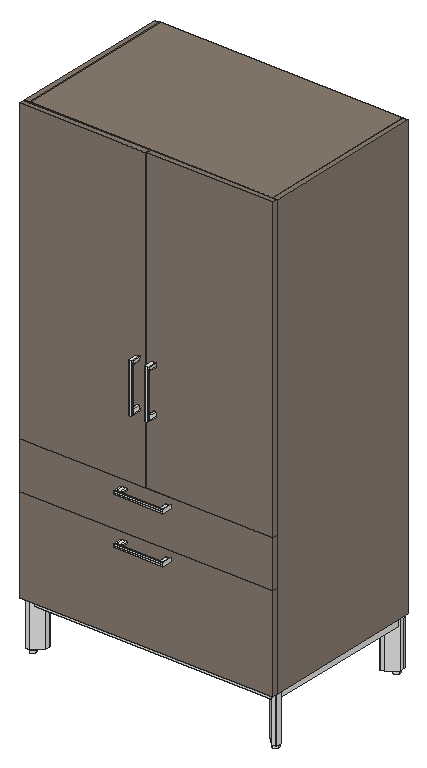
Revit family "Storage-Teknion-CTCE_Double_Combination_Tower_Elevated-R2021", category Furniture, Revit 2021
Family settings
  OmniClass Number = 23.40.20.00
  OmniClass Title = General Furniture and Specialties
  Work Plane-Based = No
  Always vertical = Yes
  Cut with Voids When Loaded = No
  Shared = Yes
  Room Calculation Point = No
Parameters (values of type "Hinged Doors Upper, 1 Box 1 File Lower (HX), 5 High Elevated (70.25" Height)")
  Width [instance] = 36.000"
  Warranty = "http://www.teknion.com/ca/papers/legal-canada"
  Shelf 5/Top 6E - Back Distance = if([5E - 5 High Elevated (70.25" Height)], 0.000", 1.474")  # 0.000"
  OH - Open Upper, Hinged Doors Lower = no
  Unit Weight URL = "http://www.teknion.com/ca/tools/assets#&asset=bee6a381-b954-425e-8283-5a2de3a804f2,f828d448-4b62-4231-9e5f-9a8991c0ed77"
  URL = "www.teknion.com"
  Shelf Edge Profile [instance] = "Select Shelf Edge Profile. Flat (F) & Knife (K) option available for OH & OX & None (N) only for HX & HH."  # constant formula
  Shelf 5/Top 6E - Front Distance = if([5E - 5 High Elevated (70.25" Height)], 0.843", 1.843")  # 0.843"
  Top - 6E = [6E - 6 High Elevated (84" Height)]  # no
  To render please download texture images found here [instance] = "https://assets.teknion.com/web/5e81352c1dfdb467/revit-material-swatches/"
  Sustainability Data = "https://www.teknion.com/ca/tools/assets#&topic=216f99a5-57a0-44fc-b10a-9dee9b29ae4c&asset=444deb64-fe58-4b68-981e-f75e97781df7,b4ff2d81-9f2e-437d-9659-7cffb09c31cf"
  Shelf 5/Top 5E = or([6E - 6 High Elevated (84" Height)], [5E - 5 High Elevated (70.25" Height)])  # yes
  Shelf 4 = or([OH - Open Upper, Hinged Doors Lower], [HH - Hinged Doors Upper, Hinged Doors Lower], [OX - Open Upper, 1 Box 1 File Lower], [HX - Hinged Doors Upper, 1 Box 1 File Lower])  # yes
  Shelf 3 = or([OH - Open Upper, Hinged Doors Lower], [HH - Hinged Doors Upper, Hinged Doors Lower], [OX - Open Upper, 1 Box 1 File Lower], [HX - Hinged Doors Upper, 1 Box 1 File Lower])  # yes
  Shelf 2 = or([OH - Open Upper, Hinged Doors Lower], [HH - Hinged Doors Upper, Hinged Doors Lower], [OX - Open Upper, 1 Box 1 File Lower], [HX - Hinged Doors Upper, 1 Box 1 File Lower])  # yes
  Shelf 1 = or([OH - Open Upper, Hinged Doors Lower], [HH - Hinged Doors Upper, Hinged Doors Lower])  # no
  Series = "Chronicle"  # constant formula
  Product Page URL = "https://www.teknion.com/ca/products/product-details?productLineId=2302c16f-8e7a-673b-a6c8-ff05004460c4"
  Product Line = "Bookcases, Stackers & Towers"  # constant formula
  Product Documentation Link = "https://www.teknion.com/pricing/chronicle/pdfs/bookcases_stackers_towers_ppg.pdf"
  Part Number = "CTCE"  # constant formula
  None (N) [instance] = or([HX - Hinged Doors Upper, 1 Box 1 File Lower], [HH - Hinged Doors Upper, Hinged Doors Lower])  # yes
  Model = "CTCEHX5E__N_"
  Manufacturer Phone = "416-661-3370"  # constant formula
  Manufacturer Fax = "416.661.4586"  # constant formula
  Manufacturer Contact Information = "http://www.teknion.com/ca/contactus"
  Manufacturer Address = "1150 Flint Road, Toronto, ON. M3J 2J5. Canada"  # constant formula
  Manufacturer = "Teknion"  # constant formula
  Knife (K) [instance] = no
  How To Use Teknion Materials User Guide [instance] = "https://assets.teknion.com/m/205dd0a49fa58060/original/How-to-add-a-Material-Library-and-Texture-Images-to-your-Revit-project.pdf"
  Height Option = "Select Height Option. 5E - 5 High Elevated (70.25 Inch) are default."  # constant formula
  Height [instance] = if([5E - 5 High Elevated (70.25" Height)], 70.250", 84.000")  # 70.250"
  OX - Open Upper, 1 Box 1 File Lower = not(or([OH - Open Upper, Hinged Doors Lower], [HX - Hinged Doors Upper, 1 Box 1 File Lower], [HH - Hinged Doors Upper, Hinged Doors Lower]))  # no
  Handle Style [instance] = ""
  Handle Finish [instance] = Paint - Teknion - Foundation - Crisp Grey
  HX - Hinged Doors Upper, 1 Box 1 File Lower = yes
  HH - Hinged Doors Upper, Hinged Doors Lower = no
  Front Finish [instance] = Veneer - Teknion - U5 - Arabica Walnut
  Front - Upper = or([HX - Hinged Doors Upper, 1 Box 1 File Lower], [HH - Hinged Doors Upper, Hinged Doors Lower])  # yes
  For Additional Finishes please visit [instance] = "https://assets.teknion.com/m/44a8009b046e5d47/original/Teknion_Materials_Library.zip"
  Flat (F) [instance] = not(or([HX - Hinged Doors Upper, 1 Box 1 File Lower], [HH - Hinged Doors Upper, Hinged Doors Lower], [Knife (K)]))  # no
  Extended Pull 2 [instance] = and(Extended Pull, (or([OX - Open Upper, 1 Box 1 File Lower], [HX - Hinged Doors Upper, 1 Box 1 File Lower])))  # no
  Extended Pull 1 [instance] = Extended Pull  # no
  Extended Pull - Upper [instance] = and((or([HX - Hinged Doors Upper, 1 Box 1 File Lower], [HH - Hinged Doors Upper, Hinged Doors Lower])), Extended Pull)  # no
  Extended Pull [instance] = no
  Drawer Finish [instance] = Veneer - Teknion - U5 - Arabica Walnut
  Drawer = or([OX - Open Upper, 1 Box 1 File Lower], [HX - Hinged Doors Upper, 1 Box 1 File Lower])  # yes
  Description = "Double Combination Tower, Elevated, Hinged Doors Upper, 1 Box 1 File Lower Configuration, 5 High Elevated (70.25\" Height), None Shelf Edge Profile"
  Depth [instance] = 24.000"
  Default Elevation = 0.000"
  Cut-Out - Knife 2 [instance] = if((and([6E - 6 High Elevated (84" Height)], [Knife (K)])), 40.000", 0.500")  # 0.500"
  Cut-Out - Knife 1 [instance] = if([Knife (K)], 40.000", 0.500")  # 0.500"
  Cut-Out - Front - Vertical = if(or([OH - Open Upper, Hinged Doors Lower], [HH - Hinged Doors Upper, Hinged Doors Lower]), 3.000", 0.500")  # 0.500"
  Cut-Out - Front - Horizontal = if(or([OX - Open Upper, 1 Box 1 File Lower], [HX - Hinged Doors Upper, 1 Box 1 File Lower]), 3.000", 0.500")  # 3.000"
  Cut-Out - Extended Pull - OH & HH [instance] = if(and(Extended Pull, (or([OH - Open Upper, Hinged Doors Lower], [HH - Hinged Doors Upper, Hinged Doors Lower]))), 2.500", 0.500")  # 0.500"
  Configuration = ""
  Case Finish [instance] = Veneer - Teknion - U5 - Arabica Walnut
  Base & Foot Finish [instance] = Paint - Teknion - Foundation - Crisp Grey
  Available Width [instance] = "30 & 36 Inch"  # constant formula
  Available Depth [instance] = "20 & 24 Inch"  # constant formula
  Assembly Code = "E2020200"
  ADA Handle 2 [instance] = and(ADA Handle, (or([OH - Open Upper, Hinged Doors Lower], [HH - Hinged Doors Upper, Hinged Doors Lower])))  # no
  ADA Handle 1 [instance] = and(ADA Handle, (or([OX - Open Upper, 1 Box 1 File Lower], [HX - Hinged Doors Upper, 1 Box 1 File Lower])))  # yes
  ADA Handle - Upper [instance] = and((or([HX - Hinged Doors Upper, 1 Box 1 File Lower], [HH - Hinged Doors Upper, Hinged Doors Lower])), ADA Handle)  # yes
  ADA Handle [instance] = not(Extended Pull)  # yes
  6E - 6 High Elevated (84" Height) = no
  5E - 5 High Elevated (70.25" Height) = not([6E - 6 High Elevated (84" Height)])  # yes
  MR - Front - Hinged Doors = or([OH - Open Upper, Hinged Doors Lower], [HH - Hinged Doors Upper, Hinged Doors Lower])  # no
  MR - Front = or([OX - Open Upper, 1 Box 1 File Lower], [HX - Hinged Doors Upper, 1 Box 1 File Lower])  # yes
  MR - Extended Pull 2 [instance] = and((or([OH - Open Upper, Hinged Doors Lower], [HH - Hinged Doors Upper, Hinged Doors Lower])), Extended Pull)  # no
  MR - Extended Pull 1 [instance] = and((or([OX - Open Upper, 1 Box 1 File Lower], [HX - Hinged Doors Upper, 1 Box 1 File Lower])), Extended Pull)  # no
  MR - ADA Handle 1 + Upper [instance] = and([HX - Hinged Doors Upper, 1 Box 1 File Lower], ADA Handle)  # yes
  MR - ADA Handle 1 [instance] = and([OX - Open Upper, 1 Box 1 File Lower], ADA Handle)  # no
  MR - ADA Handle - Upper [instance] = and([HH - Hinged Doors Upper, Hinged Doors Lower], ADA Handle)  # no
  2D - Extended Pull 2 + Upper [instance] = and([HH - Hinged Doors Upper, Hinged Doors Lower], Extended Pull)  # no
  2D - Extended Pull 2 [instance] = and([OH - Open Upper, Hinged Doors Lower], Extended Pull)  # no
  2D - Extended Pull 1 + Upper [instance] = and([HX - Hinged Doors Upper, 1 Box 1 File Lower], Extended Pull)  # no
  2D - Extended Pull 1 [instance] = and([OX - Open Upper, 1 Box 1 File Lower], Extended Pull)  # no
Reference planes (in)
  plane 1 "Center Front/Back": y = 0.5442
  plane 2: z = 0
  plane 3 "Center Left/Right": x = -0.45818
  plane 4 "Left": x = -18.45818
  plane 5 "Right": x = 17.54182
  plane 6 "Back": y = 12.5442
  plane 7 "Front": y = -11.4558
  plane 8 "Top": z = 70.25
  plane 9: z = 7.25
  plane 10: x = -9.45818
  plane 11: x = 8.54182
Forms (in)
  Sweep 1, solid, material "Veneer - Teknion - U5 - Arabica Walnut" <- "Case Finish"
    path origin (0, 0.5442, 0) x (1, 0, 0) y (0, 0, 1)
      loop
        line (-0.45818, 70.25) -> (-0.45818, 7.25)
    profile origin (-0.45818, 0.5442, 38.75) x (0, -1, 0) y (1, 0, 0)
      loop
        line (-12, -18) -> (11.15748, -18) -> (11.15748, -17.27559) -> (-12, -17.27559) -> (-12, -18)
      loop
        line (11.15748, 18) -> (-12, 18) -> (-12, 17.27559) -> (11.15748, 17.27559) -> (11.15748, 18)
  Sweep 2, solid, material "Veneer - Teknion - U5 - Arabica Walnut" <- "Case Finish"
    path origin (0, 0.5442, 0) x (1, 0, 0) y (0, 0, 1)
      loop
        line (-0.45818, 8.28937) -> (-0.45818, 7.25)
    profile origin (-0.45818, 0.5442, 7.76969) x (0, -1, 0) y (1, 0, 0)
      loop
        line (-12, 17.27559) -> (-12, -17.27559) -> (11.15748, -17.27559) -> (11.15748, 17.27559) -> (-12, 17.27559)
  Sweep 3, solid, material "Veneer - Teknion - U5 - Arabica Walnut" <- "Case Finish", visible <- "Shelf 1"
    path origin (0, 0.5442, 0) x (1, 0, 0) y (0, 0, 1)
      loop
        line (-0.45818, 21.26969) -> (-0.45818, 20.23031)
    profile origin (-0.45818, 0.5442, 20.75) x (0, -1, 0) y (1, 0, 0)
      loop
        line (-10.52559, -17.27559) -> (10.15748, -17.27559) -> (10.15748, 17.27559) -> (-10.52559, 17.27559) -> (-10.52559, -17.27559)
  Sweep 4, solid, material "Veneer - Teknion - U5 - Arabica Walnut" <- "Case Finish", visible <- "Shelf 2"
    path origin (0, 0.5442, 0) x (1, 0, 0) y (0, 0, 1)
      loop
        line (-0.45818, 27.5) -> (-0.45818, 26.77559)
    profile origin (-0.45818, 0.5442, 27.1378) x (0, -1, 0) y (1, 0, 0)
      loop
        line (11.15748, -17.27559) -> (11.15748, 17.27559) -> (-10.52559, 17.27559) -> (-10.52559, -17.27559) -> (11.15748, -17.27559)
  Sweep 5, solid, material "Veneer - Teknion - U5 - Arabica Walnut" <- "Case Finish", visible <- "Shelf 3"
    path origin (0, 0.5442, 0) x (1, 0, 0) y (0, 0, 1)
      loop
        line (-0.45818, 42.75) -> (-0.45818, 41.71063)
    profile origin (-0.45818, 0.5442, 42.23031) x (0, -1, 0) y (1, 0, 0)
      loop
        line (-10.52559, -17.27559) -> (10.15748, -17.27559) -> (10.15748, 17.27559) -> (-10.52559, 17.27559) -> (-10.52559, -17.27559)
  Sweep 6, solid, material "Veneer - Teknion - U5 - Arabica Walnut" <- "Case Finish", visible <- "Shelf 4"
    path origin (0, 0.5442, 0) x (1, 0, 0) y (0, 0, 1)
      loop
        line (-0.45818, 56.5) -> (-0.45818, 55.46063)
    profile origin (-0.45818, 0.5442, 55.98031) x (0, -1, 0) y (1, 0, 0)
      loop
        line (-10.52559, -17.27559) -> (10.15748, -17.27559) -> (10.15748, 17.27559) -> (-10.52559, 17.27559) -> (-10.52559, -17.27559)
  Sweep 7, solid, material "Veneer - Teknion - U5 - Arabica Walnut" <- "Case Finish", visible <- "Shelf 5/Top 5E"
    path origin (0, 0.5442, 0) x (1, 0, 0) y (0, 0, 1)
      loop
        line (-0.45818, 70.25) -> (-0.45818, 69.21063)
    profile origin (-0.45818, 0.5442, 69.73031) x (0, -1, 0) y (1, 0, 0)
      loop
        line (-12, 17.27559) -> (-12, -17.27559) -> (11.157, -17.27559) -> (11.157, 17.27559) -> (-12, 17.27559)
  Sweep 8, solid, material "Veneer - Teknion - U5 - Arabica Walnut" <- "Case Finish"
    path origin (0, 0.5442, 0) x (1, 0, 0) y (0, 0, 1)
      loop
        line (-0.45818, 69.21063) -> (-0.45818, 8.28937)
    profile origin (-0.45818, 0.5442, 38.75) x (0, -1, 0) y (1, 0, 0)
      loop
        line (-11.25, -17.27559) -> (-10.52559, -17.27559) -> (-10.52559, 17.27559) -> (-11.25, 17.27559) -> (-11.25, -17.27559)
  Sweep 9, solid, material "Veneer - Teknion - U5 - Arabica Walnut" <- "Case Finish", visible <- "Top - 6E"
    path origin (0, 0.5442, 0) x (1, 0, 0) y (0, 0, 1)
      loop
        line (-0.45818, 84) -> (-0.45818, 82.96063)
    profile origin (-0.45818, 0.5442, 83.48031) x (0, -1, 0) y (1, 0, 0)
      loop
        line (11.15748, -17.27559) -> (11.15748, 17.27559) -> (-12, 17.27559) -> (-12, -17.27559) -> (11.15748, -17.27559)
  Sweep 10, solid, material "Paint - Teknion - Foundation - Crisp Grey" <- "Base & Foot Finish"
    path origin (0, 0.5442, 0) x (1, 0, 0) y (0, 0, 1)
      loop
        line (-0.45818, 0.5) -> (-0.45818, 7.25)
    profile origin (-0.45818, 0.5442, 3.875) x (-1, 0, 0) y (0, -1, 0)
      loop
        line (17.875, 10.45037) -> (17.875, 11.05748)
        arc (17.875, 11.05748) -> (17.84571, 11.12819) -> (17.775, 11.15748) r 0.1
        line (17.775, 11.15748) -> (17.16789, 11.15748) -> (15.8951, 9.88469) -> (15.8951, 9.27758)
        arc (15.8951, 9.27758) -> (15.92439, 9.20687) -> (15.9951, 9.17758) r 0.1
        line (15.9951, 9.17758) -> (16.60221, 9.17758) -> (17.875, 10.45037)
      loop
        line (-17.875, 10.45037) -> (-16.60221, 9.17758) -> (-15.9951, 9.17758)
        arc (-15.9951, 9.17758) -> (-15.92439, 9.20687) -> (-15.8951, 9.27758) r 0.1
        line (-15.8951, 9.27758) -> (-15.8951, 9.88469) -> (-17.16789, 11.15748) -> (-17.775, 11.15748)
        arc (-17.775, 11.15748) -> (-17.84571, 11.12819) -> (-17.875, 11.05748) r 0.1
        line (-17.875, 11.05748) -> (-17.875, 10.45037)
      loop
        line (17.875, -10.92478) -> (16.60221, -9.65199) -> (15.9951, -9.65199)
        arc (15.9951, -9.65199) -> (15.92439, -9.68128) -> (15.8951, -9.75199) r 0.1
        line (15.8951, -9.75199) -> (15.8951, -10.3591) -> (17.16789, -11.63189) -> (17.775, -11.63189)
        arc (17.775, -11.63189) -> (17.84571, -11.6026) -> (17.875, -11.53189) r 0.1
        line (17.875, -11.53189) -> (17.875, -10.92478)
      loop
        line (-17.875, -10.92478) -> (-17.875, -11.53189)
        arc (-17.875, -11.53189) -> (-17.84571, -11.6026) -> (-17.775, -11.63189) r 0.1
        line (-17.775, -11.63189) -> (-17.16789, -11.63189) -> (-15.8951, -10.3591) -> (-15.8951, -9.75199)
        arc (-15.8951, -9.75199) -> (-15.92439, -9.68128) -> (-15.9951, -9.65199) r 0.1
        line (-15.9951, -9.65199) -> (-16.60221, -9.65199) -> (-17.875, -10.92478)
  Sweep 11, solid, material "Paint - Teknion - Foundation - Crisp Grey" <- "Base & Foot Finish"
    path origin (0, 0.5442, 0) x (1, 0, 0) y (0, 0, 1)
      loop
        line (-0.45818, 7) -> (-0.45818, 7.25)
    profile origin (-0.45818, 0.5442, 7.125) x (-1, 0, 0) y (0, -1, 0)
      loop
        line (17.35, -8.10689) -> (14.35, -8.10689) -> (14.35, -11.10689) -> (17.35, -11.10689) -> (17.35, -8.10689)
      loop
        line (-14.35, -8.10689) -> (-17.35, -8.10689) -> (-17.35, -11.10689) -> (-14.35, -11.10689) -> (-14.35, -8.10689)
      loop
        line (14.35, 7.63248) -> (17.35, 7.63248) -> (17.35, 10.63248) -> (14.35, 10.63248) -> (14.35, 7.63248)
      loop
        line (-17.35, 7.63248) -> (-14.35, 7.63248) -> (-14.35, 10.63248) -> (-17.35, 10.63248) -> (-17.35, 7.63248)
  Sweep 12, solid, material "Paint - Teknion - Foundation - Crisp Grey" <- "Base & Foot Finish"
    path origin (0, 0, 0) x (1, 0, 0) y (0, 1, 0)
      loop
        line (17.14182, 11.90109) -> (-18.05818, 11.90109) -> (-18.05818, -10.33828) -> (17.14182, -10.33828) -> (17.14182, 11.90109)
    profile origin (-0.45818, 11.90109, 0) x (0, -1, 0) y (0, 0, 1)
      loop
        line (0.75, 6.125) -> (0.75, 7) -> (0.25, 7) -> (0.25, 7.25) -> (0, 7.25) -> (0, 6.125) -> (0.75, 6.125)
  Sweep 13, solid, material "Paint - Teknion - Foundation - Crisp Grey" <- "Base & Foot Finish"
    path origin (0, 0.5442, 0) x (1, 0, 0) y (0, 0, 1)
      loop
        line (-0.45818, 0.27559) -> (-0.45818, 0)
    profile origin (-0.45818, 0.5442, 0.1378) x (0, -1, 0) y (1, 0, 0)
      loop
        circle (10.529, -17.24645) r 0.41339
      loop
        circle (10.529, 17.24645) r 0.41339
      loop
        circle (-11.003, -17.24645) r 0.41339
      loop
        circle (-11.003, 17.24645) r 0.41339
  Sweep 14, solid, material "Paint - Teknion - Foundation - Crisp Grey" <- "Base & Foot Finish"
    path origin (0, 0.5442, 0) x (1, 0, 0) y (0, 0, 1)
      loop
        line (-0.45818, 0.5) -> (-0.45818, 0.27559)
    profile origin (-0.45818, 0.5442, 0.3878) x (0, -1, 0) y (1, 0, 0)
      loop
        circle (10.529, -17.24645) r 0.1875
      loop
        circle (10.529, 17.24645) r 0.1875
      loop
        circle (-11.003, -17.24645) r 0.1875
      loop
        circle (-11.003, 17.24645) r 0.1875
  Sweep 15, void
    path origin (0, 0, 0) x (1, 0, 0) y (0, 1, 0)
      loop
        line (-19.95818, 0.5442) -> (-20.45818, 0.5442)
    profile origin (-20.20818, 0.5442, 0) x (0, -1, 0) y (0, 0, 1)
      loop
        line (10.76923, 56.37483) -> (7.80271, 55.29511) -> (10.76923, 55.29511) -> (10.76923, 56.37483)
      loop
        line (10.76923, 42.62483) -> (7.80271, 41.54511) -> (10.76923, 41.54511) -> (10.76923, 42.62483)
  Sweep 16, void
    path origin (0, 0, 0) x (1, 0, 0) y (0, 1, 0)
      loop
        line (-20.45818, 0.5442) -> (-19.95818, 0.5442)
    profile origin (-20.20818, 0.5442, 0) x (0, 1, 0) y (0, 0, 1)
      loop
        line (-10.76875, 69.04511) -> (-7.80223, 69.04511) -> (-10.76875, 70.12483) -> (-10.76875, 69.04511)
  Sweep 17, solid, material "Veneer - Teknion - U5 - Arabica Walnut" <- "Front Finish", visible <- "Front - Upper"
    path origin (0, 0, 0) x (1, 0, 0) y (0, 1, 0)
      loop
        line (-0.45818, -11.4558) -> (-0.45818, -10.73139)
    profile origin (-0.45818, -11.0936, 0) x (-1, 0, 0) y (0, 0, 1)
      loop
        line (-17.96063, 70.25) -> (-17.96063, 27.53937) -> (-0.03937, 27.53937) -> (-0.03937, 70.25) -> (-17.96063, 70.25)
      loop
        line (0.03937, 70.25) -> (0.03937, 27.53937) -> (17.96063, 27.53937) -> (17.96063, 70.25) -> (0.03937, 70.25)
  Sweep 18, solid, material "Veneer - Teknion - U5 - Arabica Walnut" <- "Front Finish"
    path origin (0, 0, 0) x (1, 0, 0) y (0, 1, 0)
      loop
        line (-0.45818, -10.73139) -> (-0.45818, -11.4558)
    profile origin (-0.45818, -11.0936, 0) x (1, 0, 0) y (0, 0, 1)
      loop
        line (-17.96063, 27.46063) -> (-17.96063, 7.25) -> (17.96063, 7.25) -> (17.96063, 27.46063) -> (-17.96063, 27.46063)
  Sweep 19, void
    path origin (0, 0, 0) x (1, 0, 0) y (0, 1, 0)
      loop
        line (-0.45818, -12.7058) -> (-0.45818, -12.2058)
    profile origin (-0.45818, -12.4558, 0) x (-1, 0, 0) y (0, 0, 1)
      loop
        line (0.03937, 7.25) -> (0.03937, 27.5) -> (-0.03937, 27.5) -> (-0.03937, 7.25) -> (0.03937, 7.25)
  Sweep 20, void
    path origin (0, 0, 0) x (1, 0, 0) y (0, 1, 0)
      loop
        line (-0.45818, -12.7058) -> (-0.45818, -9.7058)
    profile origin (-0.45818, -11.2058, 0) x (-1, 0, 0) y (0, 0, 1)
      loop
        line (17.96063, 20.78937) -> (-17.96063, 20.78937) -> (-17.96063, 20.71063) -> (17.96063, 20.71063) -> (17.96063, 20.78937)
  Sweep 21, solid, material "Veneer - Teknion - U5 - Arabica Walnut" <- "Drawer Finish", visible <- "Drawer"
    path origin (0, 0.5442, 0) x (1, 0, 0) y (0, 0, 1)
      loop
        line (-0.45818, 18.78937) -> (-0.45818, 8.78937)
    profile origin (-0.45818, 0.5442, 13.78937) x (0, -1, 0) y (1, 0, 0)
      loop
        line (-4.85039, 16.75197) -> (-4.85039, -16.75197) -> (11.27559, -16.75197) -> (11.27559, 16.75197) -> (-4.85039, 16.75197)
  Sweep 22, void
    path origin (0, 0.5442, 0) x (1, 0, 0) y (0, 0, 1)
      loop
        line (-0.45818, 18.78937) -> (-0.45818, 9.28937)
    profile origin (-0.45818, 0.5442, 14.03937) x (0, -1, 0) y (1, 0, 0)
      loop
        line (10.77559, 16.25197) -> (-4.35039, 16.25197) -> (-4.35039, -16.25197) -> (10.77559, -16.25197) -> (10.77559, 16.25197)
  Sweep 23, solid, material "Veneer - Teknion - U5 - Arabica Walnut" <- "Drawer Finish", visible <- "Drawer"
    path origin (0, 0.5442, 0) x (1, 0, 0) y (0, 0, 1)
      loop
        line (-0.45818, 25.52165) -> (-0.45818, 21.46654)
    profile origin (-0.45818, 0.5442, 23.49409) x (0, -1, 0) y (1, 0, 0)
      loop
        line (-4.85039, 16.75197) -> (-4.85039, -16.75197) -> (11.27559, -16.75197) -> (11.27559, 16.75197) -> (-4.85039, 16.75197)
  Sweep 24, void
    path origin (0, 0.5442, 0) x (1, 0, 0) y (0, 0, 1)
      loop
        line (-0.45818, 25.52165) -> (-0.45818, 21.96654)
    profile origin (-0.45818, 0.5442, 23.74409) x (0, -1, 0) y (1, 0, 0)
      loop
        line (-4.35039, -16.25197) -> (10.77559, -16.25197) -> (10.77559, 16.25197) -> (-4.35039, 16.25197) -> (-4.35039, -16.25197)
  Sweep 25, solid, material "Paint - Teknion - Foundation - Crisp Grey" <- "Handle Finish", visible <- "Extended Pull 1"
    path origin (0, 0, 0) x (1, 0, 0) y (0, 1, 0)
      loop
        line (10.23014, -11.4558) -> (10.23014, -12.0208) -> (-11.1465, -12.0208) -> (-11.1465, -11.4558)
    profile origin (-0.45818, -12.0208, 0) x (0, -1, 0) y (0, 0, 1)
      loop
        line (0.23552, 26.70565) -> (0.08119, 26.70565) -> (0, 26.50965) -> (0, 26.15965) -> (0.08119, 25.96364) -> (0.23552, 25.96364)
        arc (0.23552, 25.96364) -> (0.27146, 26.1476) -> (0.28351, 26.33465) r 1.45801
        arc (0.28351, 26.33465) -> (0.27146, 26.52169) -> (0.23552, 26.70565) r 1.45801
  Sweep 26, solid, material "Paint - Teknion - Foundation - Crisp Grey" <- "Handle Finish", visible <- "Extended Pull 1"
    path origin (0, 0, 0) x (1, 0, 0) y (0, 1, 0)
      loop
        line (-0.45818, -11.4558) -> (-0.45818, -12.0208)
    profile origin (-0.45818, -11.7383, 0) x (1, 0, 0) y (0, 0, 1)
      loop
        line (-10.68832, 26.15965) -> (10.68832, 26.15965) -> (10.68832, 26.50965) -> (-10.68832, 26.50965) -> (-10.68832, 26.15965)
  Sweep 27, solid, material "Paint - Teknion - Foundation - Crisp Grey" <- "Handle Finish", visible <- "ADA Handle 1"
    path origin (0, 0, 0) x (1, 0, 0) y (0, 1, 0)
      loop
        line (3.04182, -11.4558) -> (-3.95818, -11.4558)
    profile origin (-0.45818, -11.4558, 0) x (0, -1, 0) y (0, 0, 1)
      loop
        line (1.4087, 26.5534) -> (1.28069, 26.5534) -> (1.10072, 26.48254)
        arc (1.10072, 26.48254) -> (1.02757, 26.42411) -> (1, 26.33465) r 0.15894
        arc (1, 26.33465) -> (1.02757, 26.24518) -> (1.10072, 26.18675) r 0.15894
        line (1.10072, 26.18675) -> (1.28069, 26.1159) -> (1.4087, 26.1159)
        arc (1.4087, 26.1159) -> (1.43027, 26.22433) -> (1.4375, 26.33465) r 0.84519
        arc (1.4375, 26.33465) -> (1.43027, 26.44496) -> (1.4087, 26.5534) r 0.84519
      loop
        line (1.4087, 19.8034) -> (1.28069, 19.8034) -> (1.10072, 19.73254)
        arc (1.10072, 19.73254) -> (1.02757, 19.67411) -> (1, 19.58465) r 0.15894
        arc (1, 19.58465) -> (1.02757, 19.49518) -> (1.10072, 19.43675) r 0.15894
        line (1.10072, 19.43675) -> (1.28069, 19.3659) -> (1.4087, 19.3659)
        arc (1.4087, 19.3659) -> (1.43027, 19.47433) -> (1.4375, 19.58465) r 0.84519
        arc (1.4375, 19.58465) -> (1.43027, 19.69496) -> (1.4087, 19.8034) r 0.84519
  Sweep 28, solid, material "Paint - Teknion - Foundation - Crisp Grey" <- "Handle Finish", visible <- "ADA Handle 1"
    path origin (0, 0, 0) x (1, 0, 0) y (0, 1, 0)
      loop
        line (-0.45818, -12.73649) -> (-0.45818, -11.4558)
    profile origin (-0.45818, -12.09615, 0) x (-1, 0, 0) y (0, 0, 1)
      loop
        line (3.5, 19.3659) -> (3.5, 19.8034) -> (3.36124, 19.8034) -> (2.87545, 19.73254)
        arc (2.87545, 19.73254) -> (2.79044, 19.67931) -> (2.75726, 19.58465) r 0.15163
        arc (2.75726, 19.58465) -> (2.79044, 19.48998) -> (2.87545, 19.43675) r 0.15163
        line (2.87545, 19.43675) -> (3.36124, 19.3659) -> (3.5, 19.3659)
      loop
        line (-3.5, 19.3659) -> (-3.36124, 19.3659) -> (-2.87545, 19.43675)
        arc (-2.87545, 19.43675) -> (-2.79044, 19.48998) -> (-2.75726, 19.58465) r 0.15163
        arc (-2.75726, 19.58465) -> (-2.79044, 19.67931) -> (-2.87545, 19.73254) r 0.15163
        line (-2.87545, 19.73254) -> (-3.36124, 19.8034) -> (-3.5, 19.8034) -> (-3.5, 19.3659)
      loop
        line (3.5, 26.1159) -> (3.5, 26.5534) -> (3.36124, 26.5534) -> (2.87545, 26.48254)
        arc (2.87545, 26.48254) -> (2.79044, 26.42931) -> (2.75726, 26.33465) r 0.15163
        arc (2.75726, 26.33465) -> (2.79044, 26.23998) -> (2.87545, 26.18675) r 0.15163
        line (2.87545, 26.18675) -> (3.36124, 26.1159) -> (3.5, 26.1159)
      loop
        line (-3.5, 26.1159) -> (-3.36124, 26.1159) -> (-2.87545, 26.18675)
        arc (-2.87545, 26.18675) -> (-2.79044, 26.23998) -> (-2.75726, 26.33465) r 0.15163
        arc (-2.75726, 26.33465) -> (-2.79044, 26.42931) -> (-2.87545, 26.48254) r 0.15163
        line (-2.87545, 26.48254) -> (-3.36124, 26.5534) -> (-3.5, 26.5534) -> (-3.5, 26.1159)
  Sweep 29, solid, material "Paint - Teknion - Foundation - Crisp Grey" <- "Handle Finish", visible <- "ADA Handle 2"
    path origin (0, 0, 0) x (1, 0, 0) y (0, 1, 0)
      loop
        line (-12.95818, -11.4558) -> (-5.95818, -11.4558)
    profile origin (-9.45818, -11.4558, 0) x (0, 1, 0) y (0, 0, 1)
      loop
        arc (-1.4087, 26.5534) -> (-1.43027, 26.44496) -> (-1.4375, 26.33465) r 0.84519
        arc (-1.4375, 26.33465) -> (-1.43027, 26.22433) -> (-1.4087, 26.1159) r 0.84519
        line (-1.4087, 26.1159) -> (-1.28069, 26.1159) -> (-1.10072, 26.18675)
        arc (-1.10072, 26.18675) -> (-1.02757, 26.24518) -> (-1, 26.33465) r 0.15894
        arc (-1, 26.33465) -> (-1.02757, 26.42411) -> (-1.10072, 26.48254) r 0.15894
        line (-1.10072, 26.48254) -> (-1.28069, 26.5534) -> (-1.4087, 26.5534)
  Sweep 30, solid, material "Paint - Teknion - Foundation - Crisp Grey" <- "Handle Finish", visible <- "ADA Handle 2"
    path origin (0, 0, 0) x (1, 0, 0) y (0, 1, 0)
      loop
        line (5.04182, -11.4558) -> (12.04182, -11.4558)
    profile origin (8.54182, -11.4558, 0) x (0, 1, 0) y (0, 0, 1)
      loop
        arc (-1.4087, 26.5534) -> (-1.43027, 26.44496) -> (-1.4375, 26.33465) r 0.84519
        arc (-1.4375, 26.33465) -> (-1.43027, 26.22433) -> (-1.4087, 26.1159) r 0.84519
        line (-1.4087, 26.1159) -> (-1.28069, 26.1159) -> (-1.10072, 26.18675)
        arc (-1.10072, 26.18675) -> (-1.02757, 26.24518) -> (-1, 26.33465) r 0.15894
        arc (-1, 26.33465) -> (-1.02757, 26.42411) -> (-1.10072, 26.48254) r 0.15894
        line (-1.10072, 26.48254) -> (-1.28069, 26.5534) -> (-1.4087, 26.5534)
  Sweep 31, solid, material "Paint - Teknion - Foundation - Crisp Grey" <- "Handle Finish", visible <- "ADA Handle 2"
    path origin (0, 0, 0) x (1, 0, 0) y (0, 1, 0)
      loop
        line (-0.45818, -12.73649) -> (-0.45818, -11.4558)
    profile origin (-0.45818, -12.09615, 0) x (-1, 0, 0) y (0, 0, 1)
      loop
        line (12.5, 26.1159) -> (12.5, 26.5534) -> (12.36124, 26.5534) -> (11.87545, 26.48254)
        arc (11.87545, 26.48254) -> (11.79044, 26.42931) -> (11.75726, 26.33465) r 0.15163
        arc (11.75726, 26.33465) -> (11.79044, 26.23998) -> (11.87545, 26.18675) r 0.15163
        line (11.87545, 26.18675) -> (12.36124, 26.1159) -> (12.5, 26.1159)
      loop
        line (5.5, 26.1159) -> (5.63876, 26.1159) -> (6.12455, 26.18675)
        arc (6.12455, 26.18675) -> (6.20956, 26.23998) -> (6.24274, 26.33465) r 0.15163
        arc (6.24274, 26.33465) -> (6.20956, 26.42931) -> (6.12455, 26.48254) r 0.15163
        line (6.12455, 26.48254) -> (5.63876, 26.5534) -> (5.5, 26.5534) -> (5.5, 26.1159)
      loop
        line (-5.5, 26.1159) -> (-5.5, 26.5534) -> (-5.63876, 26.5534) -> (-6.12455, 26.48254)
        arc (-6.12455, 26.48254) -> (-6.20956, 26.42931) -> (-6.24274, 26.33465) r 0.15163
        arc (-6.24274, 26.33465) -> (-6.20956, 26.23998) -> (-6.12455, 26.18675) r 0.15163
        line (-6.12455, 26.18675) -> (-5.63876, 26.1159) -> (-5.5, 26.1159)
      loop
        line (-12.5, 26.1159) -> (-12.36124, 26.1159) -> (-11.87545, 26.18675)
        arc (-11.87545, 26.18675) -> (-11.79044, 26.23998) -> (-11.75726, 26.33465) r 0.15163
        arc (-11.75726, 26.33465) -> (-11.79044, 26.42931) -> (-11.87545, 26.48254) r 0.15163
        line (-11.87545, 26.48254) -> (-12.36124, 26.5534) -> (-12.5, 26.5534) -> (-12.5, 26.1159)
  Sweep 32, void
    path origin (0, 0, 0) x (1, 0, 0) y (0, 1, 0)
      loop
        line (-0.45818, -13.4558) -> (-0.45818, -12.9558)
    profile origin (-0.45818, -13.2058, 0) x (-1, 0, 0) y (0, 0, 1)
      loop
        line (0.07874, 25.83465) -> (0.07874, 26.83465) -> (-0.07874, 26.83465) -> (-0.07874, 25.83465) -> (0.07874, 25.83465)
  Sweep 33, solid, material "Paint - Teknion - Foundation - Crisp Grey" <- "Handle Finish", visible <- "Extended Pull 2"
    path origin (0, 0, 0) x (1, 0, 0) y (0, 1, 0)
      loop
        line (-11.1465, -11.4558) -> (-11.1465, -12.0208) -> (10.23014, -12.0208) -> (10.23014, -11.4558)
    profile origin (-0.45818, -12.0208, 0) x (0, 1, 0) y (0, 0, 1)
      loop
        arc (-0.23552, 19.95565) -> (-0.27146, 19.77169) -> (-0.28351, 19.58465) r 1.45801
        arc (-0.28351, 19.58465) -> (-0.27146, 19.3976) -> (-0.23552, 19.21364) r 1.45801
        line (-0.23552, 19.21364) -> (-0.08119, 19.21364) -> (0, 19.40965) -> (0, 19.75965) -> (-0.08119, 19.95565) -> (-0.23552, 19.95565)
  Sweep 34, solid, material "Paint - Teknion - Foundation - Crisp Grey" <- "Handle Finish", visible <- "Extended Pull 2"
    path origin (0, 0, 0) x (1, 0, 0) y (0, 1, 0)
      loop
        line (-0.45818, -12.0208) -> (-0.45818, -11.4558)
    profile origin (-0.45818, -11.7383, 0) x (-1, 0, 0) y (0, 0, 1)
      loop
        line (10.68832, 19.40965) -> (10.68832, 19.75965) -> (-10.68832, 19.75965) -> (-10.68832, 19.40965) -> (10.68832, 19.40965)
  Sweep 35, solid, material "Paint - Teknion - Foundation - Crisp Grey" <- "Handle Finish", visible <- "Extended Pull - Upper"
    path origin (-0.45818, 0, 0) x (0, 1, 0) y (0, 0, 1)
      loop
        line (-11.4558, 58.70493) -> (-12.0208, 58.70493) -> (-12.0208, 37.3283) -> (-11.4558, 37.3283)
    profile origin (-0.45818, -12.0208, 48.01661) x (1, 0, 0) y (0, 1, 0)
      loop
        arc (-1.53636, -0.23552) -> (-1.3524, -0.27146) -> (-1.16535, -0.28351) r 1.45801
        arc (-1.16535, -0.28351) -> (-0.97831, -0.27146) -> (-0.79435, -0.23552) r 1.45801
        line (-0.79435, -0.23552) -> (-0.79435, -0.08119) -> (-0.99035, 0) -> (-1.34035, 0) -> (-1.53636, -0.08119) -> (-1.53636, -0.23552)
      loop
        line (1.53636, -0.23552) -> (1.53636, -0.08119) -> (1.34035, 0) -> (0.99035, 0) -> (0.79435, -0.08119) -> (0.79435, -0.23552)
        arc (0.79435, -0.23552) -> (0.97831, -0.27146) -> (1.16535, -0.28351) r 1.45801
        arc (1.16535, -0.28351) -> (1.3524, -0.27146) -> (1.53636, -0.23552) r 1.45801
  Sweep 36, solid, material "Paint - Teknion - Foundation - Crisp Grey" <- "Handle Finish", visible <- "Extended Pull - Upper"
    path origin (0, 0, 0) x (1, 0, 0) y (0, 1, 0)
      loop
        line (-0.45818, -12.0208) -> (-0.45818, -11.4558)
    profile origin (-0.45818, -11.7383, 0) x (-1, 0, 0) y (0, 0, 1)
      loop
        line (-0.99035, 37.3283) -> (-0.99035, 58.70493) -> (-1.34035, 58.70493) -> (-1.34035, 37.3283) -> (-0.99035, 37.3283)
      loop
        line (0.99035, 58.70493) -> (0.99035, 37.3283) -> (1.34035, 37.3283) -> (1.34035, 58.70493) -> (0.99035, 58.70493)
  Sweep 37, solid, material "Paint - Teknion - Foundation - Crisp Grey" <- "Handle Finish", visible <- "ADA Handle - Upper"
    path origin (-0.14738, -0.12918, 0) x (1, 0, 0) y (0, 1, 0)
      loop
        line (-0.3108, -12.6554) -> (-0.3108, -11.32663)
    profile origin (-0.45818, -12.12019, 0) x (-1, 0, 0) y (0, 0, 1)
      loop
        line (1.3841, 43.99692) -> (0.9466, 43.99692) -> (0.9466, 43.85816) -> (1.01746, 43.37237)
        arc (1.01746, 43.37237) -> (1.07069, 43.28736) -> (1.16535, 43.25418) r 0.15163
        arc (1.16535, 43.25418) -> (1.26002, 43.28736) -> (1.31325, 43.37237) r 0.15163
        line (1.31325, 43.37237) -> (1.3841, 43.85816) -> (1.3841, 43.99692)
      loop
        line (1.3841, 36.99692) -> (1.3841, 37.13568) -> (1.31325, 37.62147)
        arc (1.31325, 37.62147) -> (1.26002, 37.70648) -> (1.16535, 37.73966) r 0.15163
        arc (1.16535, 37.73966) -> (1.07069, 37.70648) -> (1.01746, 37.62147) r 0.15163
        line (1.01746, 37.62147) -> (0.9466, 37.13568) -> (0.9466, 36.99692) -> (1.3841, 36.99692)
      loop
        line (-1.3841, 43.99692) -> (-1.3841, 43.85816) -> (-1.31325, 43.37237)
        arc (-1.31325, 43.37237) -> (-1.26002, 43.28736) -> (-1.16535, 43.25418) r 0.15163
        arc (-1.16535, 43.25418) -> (-1.07069, 43.28736) -> (-1.01746, 43.37237) r 0.15163
        line (-1.01746, 43.37237) -> (-0.9466, 43.85816) -> (-0.9466, 43.99692) -> (-1.3841, 43.99692)
      loop
        line (-1.3841, 36.99692) -> (-0.9466, 36.99692) -> (-0.9466, 37.13568) -> (-1.01746, 37.62147)
        arc (-1.01746, 37.62147) -> (-1.07069, 37.70648) -> (-1.16535, 37.73966) r 0.15163
        arc (-1.16535, 37.73966) -> (-1.26002, 37.70648) -> (-1.31325, 37.62147) r 0.15163
        line (-1.31325, 37.62147) -> (-1.3841, 37.13568) -> (-1.3841, 36.99692)
  Sweep 38, solid, material "Paint - Teknion - Foundation - Crisp Grey" <- "Handle Finish", visible <- "ADA Handle - Upper"
    path origin (-0.45818, 0, 0) x (0, 1, 0) y (0, 0, 1)
      loop
        line (-11.4558, 43.99692) -> (-11.4558, 36.99692)
    profile origin (-0.45818, -11.4558, 40.49692) x (1, 0, 0) y (0, 1, 0)
      loop
        arc (0.9466, -1.4087) -> (1.05504, -1.43027) -> (1.16535, -1.4375) r 0.84519
        arc (1.16535, -1.4375) -> (1.27567, -1.43027) -> (1.3841, -1.4087) r 0.84519
        line (1.3841, -1.4087) -> (1.3841, -1.28069) -> (1.31325, -1.10072)
        arc (1.31325, -1.10072) -> (1.25482, -1.02757) -> (1.16535, -1) r 0.15894
        arc (1.16535, -1) -> (1.07589, -1.02757) -> (1.01746, -1.10072) r 0.15894
        line (1.01746, -1.10072) -> (0.9466, -1.28069) -> (0.9466, -1.4087)
      loop
        arc (-1.3841, -1.4087) -> (-1.27567, -1.43027) -> (-1.16535, -1.4375) r 0.84519
        arc (-1.16535, -1.4375) -> (-1.05504, -1.43027) -> (-0.9466, -1.4087) r 0.84519
        line (-0.9466, -1.4087) -> (-0.9466, -1.28069) -> (-1.01746, -1.10072)
        arc (-1.01746, -1.10072) -> (-1.07589, -1.02757) -> (-1.16535, -1) r 0.15894
        arc (-1.16535, -1) -> (-1.25482, -1.02757) -> (-1.31325, -1.10072) r 0.15894
        line (-1.31325, -1.10072) -> (-1.3841, -1.28069) -> (-1.3841, -1.4087)
Cuts and joins
  Sweep 16 cuts Sweep 7
  Sweep 15 cuts Sweep 6
  Sweep 15 cuts Sweep 5
  Sweep 15 cuts Sweep 4
  Sweep 15 cuts Sweep 3
  Sweep 19, Sweep 20 cuts Sweep 18
  Sweep 22 cuts Sweep 21
  Sweep 24 cuts Sweep 23
  Sweep 32 cuts Sweep 25
  Sweep 32 cuts Sweep 26
  joined: Sweep 25, Sweep 26
  joined: Sweep 27, Sweep 28
  joined: Sweep 29, Sweep 30, Sweep 31
  joined: Sweep 33, Sweep 34
  joined: Sweep 35, Sweep 36
  joined: Sweep 37, Sweep 38
  joined: Sweep 10, Sweep 11, Sweep 12, Sweep 13, Sweep 14
Lines and regions (in)
  Masking region 1
    outline origin (0, 0, 0) x (1, 0, 0) y (0, 1, 0)
      loop
        line (-18.45818, 12.5442) -> (-18.45818, -10.61328) -> (17.54182, -10.61328) -> (17.54182, 12.5442) -> (-18.45818, 12.5442)
  Masking region 2, visible <- "Drawer"
    outline origin (0, 0, 0) x (1, 0, 0) y (0, 1, 0)
      loop
        line (-17.21015, -10.61328) -> (-17.21015, -10.73139) -> (16.29379, -10.73139) -> (16.29379, -10.61328) -> (-17.21015, -10.61328)
  Masking region 3, visible <- "MR - Front - Hinged Doors"
    outline origin (0, 0, 0) x (1, 0, 0) y (0, 1, 0)
      loop
        line (-18.41881, -10.73139) -> (-18.41881, -11.4558) -> (-0.49755, -11.4558) -> (-0.49755, -10.73139) -> (-18.41881, -10.73139)
      loop
        line (-0.41881, -10.73139) -> (-0.41881, -11.4558) -> (17.50245, -11.4558) -> (17.50245, -10.73139) -> (-0.41881, -10.73139)
  Masking region 4, visible <- "MR - Front"
    outline origin (0, 0, 0) x (1, 0, 0) y (0, 1, 0)
      loop
        line (-18.41881, -10.73139) -> (-18.41881, -11.4558) -> (17.50245, -11.4558) -> (17.50245, -10.73139) -> (-18.41881, -10.73139)
  Masking region 5, visible <- "MR - Extended Pull 1"
    outline origin (0, 0, 0) x (1, 0, 0) y (0, 1, 0)
      loop
        line (-11.43001, -11.4558) -> (-11.43001, -12.30431) -> (10.51365, -12.30431) -> (10.51365, -11.4558) -> (-11.43001, -11.4558)
  Masking region 6, visible <- "ADA Handle 2"
    outline origin (0, 0, 0) x (1, 0, 0) y (0, 1, 0)
      loop
        line (-12.95818, -11.4558) -> (-12.95818, -12.8933) -> (-5.95818, -12.8933) -> (-5.95818, -11.4558) -> (-6.70216, -11.4558) -> (-6.70216, -12.45478) -> (-12.2142, -12.45478) -> (-12.2142, -11.4558) -> (-12.95818, -11.4558)
      loop
        line (5.04182, -11.4558) -> (5.04182, -12.8933) -> (12.04182, -12.8933) -> (12.04182, -11.4558) -> (11.29784, -11.4558) -> (11.29784, -12.45478) -> (5.7858, -12.45478) -> (5.7858, -11.4558) -> (5.04182, -11.4558)
  Masking region 7, visible <- "MR - ADA Handle - Upper"
    outline origin (0, 0, 0) x (1, 0, 0) y (0, 1, 0)
      loop
        line (-1.84228, -11.4558) -> (-1.84228, -12.86451)
        arc (-1.84228, -12.86451) -> (-1.73385, -12.88607) -> (-1.62353, -12.8933) r 0.84519
        arc (-1.62353, -12.8933) -> (-1.51322, -12.88607) -> (-1.40478, -12.86451) r 0.84519
        line (-1.40478, -12.86451) -> (-1.40478, -11.4558) -> (-1.84228, -11.4558)
      loop
        line (0.48842, -11.4558) -> (0.48842, -12.86451)
        arc (0.48842, -12.86451) -> (0.59686, -12.88607) -> (0.70717, -12.8933) r 0.84519
        arc (0.70717, -12.8933) -> (0.81749, -12.88607) -> (0.92592, -12.86451) r 0.84519
        line (0.92592, -12.86451) -> (0.92592, -11.4558) -> (0.48842, -11.4558)
  Masking region 8, visible <- "MR - ADA Handle 1"
    outline origin (0, 0, 0) x (1, 0, 0) y (0, 1, 0)
      loop
        line (-3.95818, -11.4558) -> (-3.95818, -12.8933) -> (3.04182, -12.8933) -> (3.04182, -11.4558) -> (2.29784, -11.4558) -> (2.29784, -12.45478) -> (-3.2142, -12.45478) -> (-3.2142, -11.4558) -> (-3.95818, -11.4558)
  Masking region 9, visible <- "MR - ADA Handle 1 + Upper"
    outline origin (0, 0, 0) x (1, 0, 0) y (0, 1, 0)
      loop
        line (-3.95818, -12.8933) -> (3.04182, -12.8933) -> (3.04182, -11.4558) -> (2.29784, -11.4558) -> (2.29784, -12.45478) -> (0.92592, -12.45478) -> (0.92592, -11.4558) -> (0.48842, -11.4558) -> (0.48842, -12.45478) -> (-1.40478, -12.45478) -> (-1.40478, -11.4558) -> (-1.84228, -11.4558) -> (-1.84228, -12.45478) -> (-3.2142, -12.45478) -> (-3.2142, -11.4558) -> (-3.95818, -11.4558) -> (-3.95818, -12.8933)
  Masking region 10, visible <- "MR - Extended Pull 2"
    outline origin (0, 0, 0) x (1, 0, 0) y (0, 1, 0)
      loop
        line (-11.43001, -11.4558) -> (-11.43001, -12.30431) -> (-0.53692, -12.30431) -> (-0.53692, -11.4558) -> (-11.43001, -11.4558)
      loop
        line (-0.37944, -11.4558) -> (-0.37944, -12.30431) -> (10.51365, -12.30431) -> (10.51365, -11.4558) -> (-0.37944, -11.4558)
  symbolic lines, style "FurnitureHiddenLines", visible <- "Drawer", detail levels medium+fine
    curve 1: line (16.29379, 5.39459, 70.25) -> (-17.21015, 5.39459, 70.25)
    curve 2: line (16.29379, -10.73139, 70.25) -> (16.29379, 5.39459, 70.25)
    curve 3: line (-17.21015, 5.39459, 70.25) -> (-17.21015, -10.73139, 70.25)
    curve 4: line (-16.71015, 4.89459, 70.25) -> (-16.71015, -10.23139, 70.25)
    curve 5: line (15.79379, 4.89459, 70.25) -> (-16.71015, 4.89459, 70.25)
    curve 6: line (15.79379, -10.23139, 70.25) -> (15.79379, 4.89459, 70.25)
    curve 7: line (-16.71015, -10.23139, 70.25) -> (15.79379, -10.23139, 70.25)
  symbolic lines
    curve 8: line (-17.73377, -10.61328, 70.25) -> (-17.73377, 12.5442, 70.25)
    curve 9: line (16.81741, 12.5442, 70.25) -> (16.81741, -10.61328, 70.25)
  symbolic lines, style "FurnitureHiddenLines", detail levels medium+fine
    curve 10: line (16.81741, 11.7942, 70.25) -> (-17.73377, 11.7942, 70.25)
    curve 11: line (-17.73377, 11.06979, 70.25) -> (16.81741, 11.06979, 70.25)
    curve 12: line (-17.73377, -9.61328, 70.25) -> (16.81741, -9.61328, 70.25)
    curve 74: line (-18.05818, 11.19398, 70.25) -> (-18.05818, -9.63118, 70.25)
    curve 75: line (-17.80818, -9.38118, 70.25) -> (-17.80818, 10.94398, 70.25)
    curve 76: line (-17.30818, -8.88118, 70.25) -> (-17.30818, 10.44398, 70.25)
    curve 77: line (-17.80818, 8.65109, 70.25) -> (-14.80818, 8.65109, 70.25)
    curve 78: line (-14.80818, 8.65109, 70.25) -> (-14.80818, 11.65109, 70.25)
    curve 79: line (16.43471, 11.90109, 70.25) -> (-17.35107, 11.90109, 70.25)
    curve 80: line (-17.10107, 11.65109, 70.25) -> (16.18471, 11.65109, 70.25)
    curve 81: line (-16.60107, 11.15109, 70.25) -> (15.68471, 11.15109, 70.25)
    curve 82: line (13.89182, 11.65109, 70.25) -> (13.89182, 8.65109, 70.25)
    curve 83: line (13.89182, 8.65109, 70.25) -> (16.89182, 8.65109, 70.25)
    curve 84: line (16.39182, 10.44398, 70.25) -> (16.39182, -8.88118, 70.25)
    curve 85: line (16.89182, 10.94398, 70.25) -> (16.89182, -9.38118, 70.25)
    curve 86: line (17.14182, -9.63118, 70.25) -> (17.14182, 11.19398, 70.25)
    curve 87: line (-14.80818, -7.08828, 70.25) -> (-17.80818, -7.08828, 70.25)
    curve 88: line (-14.80818, -10.08828, 70.25) -> (-14.80818, -7.08828, 70.25)
    curve 89: line (16.89182, -7.08828, 70.25) -> (13.89182, -7.08828, 70.25)
    curve 90: line (13.89182, -7.08828, 70.25) -> (13.89182, -10.08828, 70.25)
    curve 91: line (15.68471, -9.58828, 70.25) -> (-16.60107, -9.58828, 70.25)
    curve 92: line (16.18471, -10.08828, 70.25) -> (-17.10107, -10.08828, 70.25)
    curve 93: line (-17.35107, -10.33828, 70.25) -> (16.43471, -10.33828, 70.25)
    curve 94: line (-17.06039, -8.63339, 70.25) -> (-18.33318, -9.90618, 70.25)
    curve 95: line (-16.45328, -8.63339, 70.25) -> (-17.06039, -8.63339, 70.25)
    curve 96: line (-16.35328, -9.34049, 70.25) -> (-16.35328, -8.73339, 70.25)
    curve 97: arc (-16.45328, -8.63339, 70.25) -> (-16.38257, -8.66268, 70.25) -> (-16.35328, -8.73339, 70.25) r 0.1
    curve 98: line (-17.62607, -10.61328, 70.25) -> (-16.35328, -9.34049, 70.25)
    curve 99: line (-18.33318, -9.90618, 70.25) -> (-18.33318, -10.51328, 70.25)
    curve 100: line (-18.23318, -10.61328, 70.25) -> (-17.62607, -10.61328, 70.25)
    curve 101: arc (-18.23318, -10.61328, 70.25) -> (-18.30389, -10.584, 70.25) -> (-18.33318, -10.51328, 70.25) r 0.1
    curve 102: line (17.41682, -9.90618, 70.25) -> (16.14403, -8.63339, 70.25)
    curve 103: line (15.43692, -9.34049, 70.25) -> (16.70971, -10.61328, 70.25)
    curve 104: line (15.43692, -8.73339, 70.25) -> (15.43692, -9.34049, 70.25)
    curve 105: line (16.14403, -8.63339, 70.25) -> (15.53692, -8.63339, 70.25)
    curve 106: arc (15.43692, -8.73339, 70.25) -> (15.46621, -8.66268, 70.25) -> (15.53692, -8.63339, 70.25) r 0.1
    curve 107: line (17.41682, -10.51328, 70.25) -> (17.41682, -9.90618, 70.25)
    curve 108: line (16.70971, -10.61328, 70.25) -> (17.31682, -10.61328, 70.25)
    curve 109: arc (17.41682, -10.51328, 70.25) -> (17.38753, -10.584, 70.25) -> (17.31682, -10.61328, 70.25) r 0.1
    curve 110: line (16.70971, 12.17609, 70.25) -> (15.43692, 10.90329, 70.25)
    curve 111: line (16.14403, 10.19619, 70.25) -> (17.41682, 11.46898, 70.25)
    curve 112: line (15.53692, 10.19619, 70.25) -> (16.14403, 10.19619, 70.25)
    curve 113: line (15.43692, 10.90329, 70.25) -> (15.43692, 10.29619, 70.25)
    curve 114: arc (15.53692, 10.19619, 70.25) -> (15.46621, 10.22548, 70.25) -> (15.43692, 10.29619, 70.25) r 0.1
    curve 115: line (17.31682, 12.17609, 70.25) -> (16.70971, 12.17609, 70.25)
    curve 116: line (17.41682, 11.46898, 70.25) -> (17.41682, 12.07609, 70.25)
    curve 117: arc (17.31682, 12.17609, 70.25) -> (17.38753, 12.1468, 70.25) -> (17.41682, 12.07609, 70.25) r 0.1
    curve 118: line (-16.35328, 10.90329, 70.25) -> (-17.62607, 12.17609, 70.25)
    curve 119: line (-18.33318, 11.46898, 70.25) -> (-17.06039, 10.19619, 70.25)
    curve 120: line (-17.06039, 10.19619, 70.25) -> (-16.45328, 10.19619, 70.25)
    curve 121: line (-16.35328, 10.29619, 70.25) -> (-16.35328, 10.90329, 70.25)
    curve 122: arc (-16.35328, 10.29619, 70.25) -> (-16.38257, 10.22548, 70.25) -> (-16.45328, 10.19619, 70.25) r 0.1
    curve 123: line (-18.33318, 12.07609, 70.25) -> (-18.33318, 11.46898, 70.25)
    curve 124: line (-17.62607, 12.17609, 70.25) -> (-18.23318, 12.17609, 70.25)
    curve 125: arc (-18.33318, 12.07609, 70.25) -> (-18.30389, 12.1468, 70.25) -> (-18.23318, 12.17609, 70.25) r 0.1
  symbolic lines, style "FurnitureHiddenLines", visible <- "Knife (K)", detail levels medium+fine
    curve 13: line (16.81741, -7.71328, 70.25) -> (-17.73377, -7.71328, 70.25)
  symbolic lines, style "Furniture", visible <- "Front - Upper"
    curve 14: line (-0.49755, -11.4558, 70.25) -> (-0.49755, -10.73139, 70.25)
    curve 15: line (-0.41881, -10.73139, 70.25) -> (-0.41881, -11.4558, 70.25)
  symbolic lines, visible <- "ADA Handle - Upper"
    curve 16: line (-1.84228, -11.4558, 70.25) -> (-1.84228, -12.86451, 70.25)
    curve 17: line (-1.40478, -12.86451, 70.25) -> (-1.40478, -11.4558, 70.25)
    curve 18: arc (-1.84228, -12.86451, 70.25) -> (-1.73385, -12.88607, 70.25) -> (-1.62353, -12.8933, 70.25) r 0.84519
    curve 19: arc (-1.62353, -12.8933, 70.25) -> (-1.51322, -12.88607, 70.25) -> (-1.40478, -12.86451, 70.25) r 0.84519
    curve 20: line (0.48842, -11.4558, 70.25) -> (0.48842, -12.86451, 70.25)
    curve 21: line (0.92592, -12.86451, 70.25) -> (0.92592, -11.4558, 70.25)
    curve 22: arc (0.70717, -12.8933, 70.25) -> (0.81749, -12.88607, 70.25) -> (0.92592, -12.86451, 70.25) r 0.84519
    curve 23: arc (0.48842, -12.86451, 70.25) -> (0.59686, -12.88607, 70.25) -> (0.70717, -12.8933, 70.25) r 0.84519
  symbolic lines, style "FurnitureHiddenLines", visible <- "ADA Handle - Upper", detail levels medium+fine
    curve 24: line (-1.47564, -11.4558, 70.25) -> (-1.47564, -12.55652, 70.25)
    curve 25: line (-1.77143, -11.4558, 70.25) -> (-1.77143, -12.55652, 70.25)
    curve 26: line (-1.77143, -12.55652, 70.25) -> (-1.84228, -12.73649, 70.25)
    curve 27: line (-1.40478, -12.73649, 70.25) -> (-1.47564, -12.55652, 70.25)
    curve 28: arc (-1.62353, -12.4558, 70.25) -> (-1.713, -12.48338, 70.25) -> (-1.77143, -12.55652, 70.25) r 0.15894
    curve 29: arc (-1.47564, -12.55652, 70.25) -> (-1.53407, -12.48338, 70.25) -> (-1.62353, -12.4558, 70.25) r 0.15894
    curve 30: line (0.55928, -11.4558, 70.25) -> (0.55928, -12.55652, 70.25)
    curve 31: line (0.85507, -11.4558, 70.25) -> (0.85507, -12.55652, 70.25)
    curve 32: line (0.55928, -12.55652, 70.25) -> (0.48842, -12.73649, 70.25)
    curve 33: line (0.92592, -12.73649, 70.25) -> (0.85507, -12.55652, 70.25)
    curve 34: arc (0.85507, -12.55652, 70.25) -> (0.79664, -12.48338, 70.25) -> (0.70717, -12.4558, 70.25) r 0.15894
    curve 35: arc (0.70717, -12.4558, 70.25) -> (0.61771, -12.48338, 70.25) -> (0.55928, -12.55652, 70.25) r 0.15894
  symbolic lines, visible <- "Extended Pull - Upper"
    curve 36: line (-1.25253, -12.25632, 70.25) -> (-1.25253, -11.4558, 70.25)
    curve 37: line (-1.99454, -11.4558, 70.25) -> (-1.99454, -12.25632, 70.25)
    curve 38: arc (-1.99454, -12.25632, 70.25) -> (-1.81058, -12.29227, 70.25) -> (-1.62353, -12.30431, 70.25) r 1.45801
    curve 39: arc (-1.62353, -12.30431, 70.25) -> (-1.43649, -12.29227, 70.25) -> (-1.25253, -12.25632, 70.25) r 1.45801
    curve 40: line (0.33617, -11.4558, 70.25) -> (0.33617, -12.25632, 70.25)
    curve 41: arc (0.33617, -12.25632, 70.25) -> (0.52013, -12.29227, 70.25) -> (0.70717, -12.30431, 70.25) r 1.45801
    curve 42: arc (0.70717, -12.30431, 70.25) -> (0.89422, -12.29227, 70.25) -> (1.07818, -12.25632, 70.25) r 1.45801
    curve 43: line (1.07818, -12.25632, 70.25) -> (1.07818, -11.4558, 70.25)
  symbolic lines, style "FurnitureHiddenLines", visible <- "Extended Pull - Upper", detail levels medium+fine
    curve 44: line (-1.25253, -12.10199, 70.25) -> (-1.44853, -12.0208, 70.25)
    curve 45: line (-1.44853, -12.0208, 70.25) -> (-1.44853, -11.4558, 70.25)
    curve 46: line (-1.79853, -11.4558, 70.25) -> (-1.79853, -12.0208, 70.25)
    curve 47: line (-1.79853, -12.0208, 70.25) -> (-1.99454, -12.10199, 70.25)
    curve 48: line (0.53217, -12.0208, 70.25) -> (0.33617, -12.10199, 70.25)
    curve 49: line (0.53217, -11.4558, 70.25) -> (0.53217, -12.0208, 70.25)
    curve 50: line (0.88217, -12.0208, 70.25) -> (0.88217, -11.4558, 70.25)
    curve 51: line (1.07818, -12.10199, 70.25) -> (0.88217, -12.0208, 70.25)
  symbolic lines, visible <- "2D - Extended Pull 2 + Upper"
    curve 52: line (-1.99454, -12.0208, 70.25) -> (-11.1465, -12.0208, 70.25)
    curve 53: line (-11.1465, -12.0208, 70.25) -> (-11.1465, -11.4558, 70.25)
    curve 54: line (-1.25253, -12.0208, 70.25) -> (-0.53692, -12.0208, 70.25)
    curve 55: line (-0.37944, -12.0208, 70.25) -> (0.33617, -12.0208, 70.25)
    curve 56: line (1.07818, -12.0208, 70.25) -> (10.23014, -12.0208, 70.25)
    curve 57: line (10.23014, -12.0208, 70.25) -> (10.23014, -11.4558, 70.25)
  symbolic lines, visible <- "2D - Extended Pull 2"
    curve 58: line (-11.1465, -11.4558, 70.25) -> (-11.1465, -12.0208, 70.25)
    curve 59: line (-11.1465, -12.0208, 70.25) -> (-0.53692, -12.0208, 70.25)
    curve 60: line (-0.37944, -12.0208, 70.25) -> (10.23014, -12.0208, 70.25)
    curve 61: line (10.23014, -12.0208, 70.25) -> (10.23014, -11.4558, 70.25)
  symbolic lines, visible <- "2D - Extended Pull 1"
    curve 62: line (-11.1465, -11.4558, 70.25) -> (-11.1465, -12.0208, 70.25)
    curve 63: line (-11.1465, -12.0208, 70.25) -> (10.23014, -12.0208, 70.25)
    curve 64: line (10.23014, -12.0208, 70.25) -> (10.23014, -11.4558, 70.25)
  symbolic lines, visible <- "2D - Extended Pull 1 + Upper"
    curve 65: line (-11.1465, -11.4558, 70.25) -> (-11.1465, -12.0208, 70.25)
    curve 66: line (-11.1465, -12.0208, 70.25) -> (-1.99454, -12.0208, 70.25)
    curve 67: line (-1.25253, -12.0208, 70.25) -> (0.33617, -12.0208, 70.25)
    curve 68: line (1.07818, -12.0208, 70.25) -> (10.23014, -12.0208, 70.25)
    curve 69: line (10.23014, -12.0208, 70.25) -> (10.23014, -11.4558, 70.25)
  symbolic lines, style "FurnitureHiddenLines", visible <- "Extended Pull", detail levels medium+fine
    curve 70: line (-1.99454, -12.0208, 70.25) -> (-1.25253, -12.0208, 70.25)
    curve 71: line (0.33617, -12.0208, 70.25) -> (1.07818, -12.0208, 70.25)
  symbolic lines, style "FurnitureHiddenLines", visible <- "MR - ADA Handle 1 + Upper", detail levels medium+fine
    curve 72: line (-1.84228, -12.45478, 70.25) -> (-1.40478, -12.45478, 70.25)
    curve 73: line (0.48842, -12.45478, 70.25) -> (0.92592, -12.45478, 70.25)
  symbolic lines, style "FurnitureHiddenLines", detail levels fine
    curve 126: arc (-17.29124, 11.5472, 70.25) -> (-17.70463, 11.96058, 70.25) -> (-18.11801, 11.5472, 70.25) r 0.41339
    curve 127: arc (-18.11801, 11.5472, 70.25) -> (-17.70463, 11.13381, 70.25) -> (-17.29124, 11.5472, 70.25) r 0.41339
    curve 128: arc (-17.51713, 11.5472, 70.25) -> (-17.70463, 11.7347, 70.25) -> (-17.89213, 11.5472, 70.25) r 0.1875
    curve 129: arc (-17.89213, 11.5472, 70.25) -> (-17.70463, 11.3597, 70.25) -> (-17.51713, 11.5472, 70.25) r 0.1875
    curve 130: arc (17.20165, 11.5472, 70.25) -> (16.78827, 11.96058, 70.25) -> (16.37488, 11.5472, 70.25) r 0.41339
    curve 131: arc (16.37488, 11.5472, 70.25) -> (16.78827, 11.13381, 70.25) -> (17.20165, 11.5472, 70.25) r 0.41339
    curve 132: arc (16.97577, 11.5472, 70.25) -> (16.78827, 11.7347, 70.25) -> (16.60077, 11.5472, 70.25) r 0.1875
    curve 133: arc (16.60077, 11.5472, 70.25) -> (16.78827, 11.3597, 70.25) -> (16.97577, 11.5472, 70.25) r 0.1875
    curve 134: arc (17.20165, -9.9848, 70.25) -> (16.78827, -9.57142, 70.25) -> (16.37488, -9.9848, 70.25) r 0.41339
    curve 135: arc (16.37488, -9.9848, 70.25) -> (16.78827, -10.39819, 70.25) -> (17.20165, -9.9848, 70.25) r 0.41339
    curve 136: arc (16.97577, -9.9848, 70.25) -> (16.78827, -9.7973, 70.25) -> (16.60077, -9.9848, 70.25) r 0.1875
    curve 137: arc (16.60077, -9.9848, 70.25) -> (16.78827, -10.1723, 70.25) -> (16.97577, -9.9848, 70.25) r 0.1875
    curve 138: arc (-17.29124, -9.9848, 70.25) -> (-17.70463, -9.57142, 70.25) -> (-18.11801, -9.9848, 70.25) r 0.41339
    curve 139: arc (-18.11801, -9.9848, 70.25) -> (-17.70463, -10.39819, 70.25) -> (-17.29124, -9.9848, 70.25) r 0.41339
    curve 140: arc (-17.51713, -9.9848, 70.25) -> (-17.70463, -9.7973, 70.25) -> (-17.89213, -9.9848, 70.25) r 0.1875
    curve 141: arc (-17.89213, -9.9848, 70.25) -> (-17.70463, -10.1723, 70.25) -> (-17.51713, -9.9848, 70.25) r 0.1875
  reference lines
    curve 142: line (17.54182, -11.4558, 0) -> (17.54182, 12.5442, 0)
    curve 143: line (-18.45818, -11.4558, 0) -> (17.54182, -11.4558, 0)
    curve 144: line (-18.45818, 12.5442, 0) -> (-18.45818, -11.4558, 0)
    curve 145: line (17.54182, 12.5442, 0) -> (-18.45818, 12.5442, 0)
Dimensions and locks (in)
  "Width": plane 4 "Left" to plane 5 "Right"
  "Depth": plane 6 "Back" to plane 7 "Front"
  "Height": plane 8 "Top" to level
  equal spacing: plane 6 "Back", plane 1 "Center Front/Back", plane 7 "Front"
  equal spacing: plane 4 "Left", plane 3 "Center Left/Right", plane 5 "Right"
  locked: plane 9 to plane 2 at 7.25
  locked: plane 4 "Left" to Sweep 1 sketch curve at 0.72441
  locked: Sweep 1 sketch curve to plane 5 "Right" at 0.72441
  locked: Sweep 2 sketch curve to plane 9 at 1.03937
  locked: plane 4 "Left" to Sweep 2 sketch curve at 0.72441
  locked: Sweep 2 sketch curve to plane 5 "Right" at 0.72441
  locked: plane 6 "Back" to Sweep 3 sketch curve at 1.47441
  locked: plane 7 "Front" to Sweep 3 sketch curve at 1.84252
  locked: plane 4 "Left" to Sweep 3 sketch curve at 0.72441
  locked: Sweep 3 sketch curve to plane 5 "Right" at 0.72441
  locked: plane 6 "Back" to Sweep 4 sketch curve at 1.47441
  locked: Sweep 4 sketch curve to plane 5 "Right" at 0.72441
  locked: plane 4 "Left" to Sweep 4 sketch curve at 0.72441
  Sweep 5 sketch curve to Sweep 5 sketch curve to plane 9 = 1.03937" locked, 34.46063" locked
  locked: plane 6 "Back" to Sweep 5 sketch curve at 1.47441
  locked: plane 7 "Front" to Sweep 5 sketch curve at 1.84252
  locked: plane 4 "Left" to Sweep 5 sketch curve at 0.72441
  locked: Sweep 5 sketch curve to plane 5 "Right" at 0.72441
  Sweep 6 sketch curve to Sweep 6 sketch curve to plane 9 = 1.03937" locked, 48.21063" locked
  locked: plane 7 "Front" to Sweep 6 sketch curve at 1.84252
  locked: plane 4 "Left" to Sweep 6 sketch curve at 0.72441
